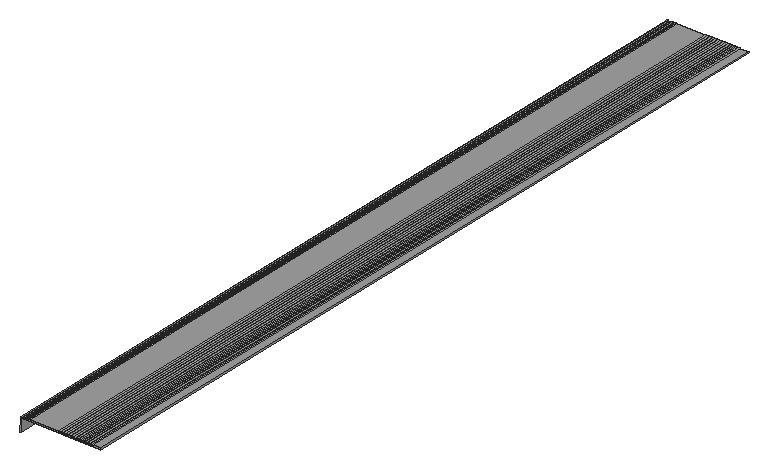
Revit family "111213021058734", category Modelos genéricos, Revit 2018
Family settings
  Puede alojar armadura = No
  Cota de conector redondo = Diámetro de uso
  Tipo de pieza = Normal
  Se basa en plano de trabajo = No
  Siempre vertical = No
  Corte con vacíos al cargar = No
  Compartido = No
  Punto de cálculo de habitación = No
Parameters (values of type "GRADA TITAN PVC 300X50MM GRIS TIRA 3.00")
  Ventajas = "Autoextinguible"
  Uso = "Fabricado en PVC, ideal para zonas de medio y alto trafico, con estrías\r\nantideslizantes. Ideal para: Edificios Públicos y Privados, Colegios, Universidades, Centros\r\ncomerciales, Aeropuertos, Hoteles, Edificios Habitacionales, entre otros."
  Unidad = "Tiras de 1.20 Mts y 3.00 Mts."
  URL = "https://www.empresascnp.cl/"
  Num SKUs = "111213021058734"
  Nombre SKU = "GRADA TITAN PVC 300X50MM GRIS TIRA 3MT"
  Modelo = "GRADA TITAN PVC 300X50MM"
  Material = PVC flexible gris
  Url Ficha tecnica = "https://empresascnp.cl/wp-content/uploads//pdf/ficha-tecnica-grada-titan-pvc-300x50mm-gris-claro-tira-1-2mt.pdf"
  Largo = 3000.00 mm
  Espesor = 4.00 mm
  Empresa = "CNP SPA."
  Dureza = "80 shore A"
  Dimension = 300.00 mm
  Descripción = "Grada Titan 300x50 MM."
  Contacto = "info@empresascnp.cl"
  Color = "Gris"
  Aplicacion = "Escaleras"
  Alto = 50.00 mm
Reference planes
  plane 1 "Center F/B": y = 0
  plane 2: z = 0
  plane 3 "Center L/R": x = 0
  plane 4: z = -50
  plane 5 "2": y = 1500
  plane 6 "3": y = -1500
  plane 7: x = 300
  plane 8: z = -2
  plane 9 "4": x = 2
Forms (mm)
  Extrusion 1, solid, material "PVC flexible gris" <- "Material"
    sketch origin (0, 0, 0) x (1, 0, 0) y (0, 0, 1)
      loop
        line (300, 0) -> (270, 0)
        arc (270, 0) -> (267.593, 0.87) -> (265.185, 0) r 3.766
        arc (265.185, 0) -> (262.778, -0.87) -> (260.37, 0) r 3.766
        arc (260.37, 0) -> (257.963, 0.87) -> (255.556, 0) r 3.766
        arc (255.556, 0) -> (253.148, -0.87) -> (250.741, 0) r 3.766
        arc (250.741, 0) -> (248.333, 0.87) -> (245.926, 0) r 3.766
        arc (245.926, 0) -> (243.519, -0.87) -> (241.111, 0) r 3.766
        arc (241.111, 0) -> (238.704, 0.87) -> (236.296, 0) r 3.766
        arc (236.296, 0) -> (233.889, -0.87) -> (231.481, 0) r 3.766
        arc (231.481, 0) -> (229.074, 0.87) -> (226.667, 0) r 3.766
        arc (226.667, 0) -> (224.259, -0.87) -> (221.852, 0) r 3.766
        arc (221.852, 0) -> (219.444, 0.87) -> (217.037, 0) r 3.766
        arc (217.037, 0) -> (214.63, -0.87) -> (212.222, 0) r 3.766
        arc (212.222, 0) -> (209.815, 0.87) -> (207.407, 0) r 3.766
        arc (207.407, 0) -> (205, -0.87) -> (202.593, 0) r 3.766
        arc (202.593, 0) -> (200.185, 0.87) -> (197.778, 0) r 3.766
        arc (197.778, 0) -> (195.37, -0.87) -> (192.963, 0) r 3.766
        arc (192.963, 0) -> (190.556, 0.87) -> (188.148, 0) r 3.766
        arc (188.148, 0) -> (185.741, -0.87) -> (183.333, 0) r 3.766
        arc (183.333, 0) -> (180.926, 0.87) -> (178.519, 0) r 3.766
        arc (178.519, 0) -> (176.111, -0.87) -> (173.704, 0) r 3.766
        arc (173.704, 0) -> (171.296, 0.87) -> (168.889, 0) r 3.766
        arc (168.889, 0) -> (166.481, -0.87) -> (164.074, 0) r 3.766
        arc (164.074, 0) -> (161.667, 0.87) -> (159.259, 0) r 3.766
        arc (159.259, 0) -> (156.852, -0.87) -> (154.444, 0) r 3.766
        arc (154.444, 0) -> (152.037, 0.87) -> (149.63, 0) r 3.766
        arc (149.63, 0) -> (147.222, -0.87) -> (144.815, 0) r 3.766
        arc (144.815, 0) -> (142.407, 0.87) -> (140, 0) r 3.766
        line (140, 0) -> (34, 0)
        arc (34, 0) -> (33, 0.361) -> (32, 0) r 1.564
        arc (32, 0) -> (31, -0.361) -> (30, 0) r 1.564
        arc (30, 0) -> (29, 0.361) -> (28, 0) r 1.564
        arc (28, 0) -> (27, -0.361) -> (26, 0) r 1.564
        arc (26, 0) -> (25, 0.361) -> (24, 0) r 1.564
        arc (24, 0) -> (23, -0.361) -> (22, 0) r 1.564
        arc (22, 0) -> (21, 0.361) -> (20, 0) r 1.564
        arc (20, 0) -> (19, -0.361) -> (18, 0) r 1.564
        arc (18, 0) -> (17, 0.361) -> (16, 0) r 1.564
        line (16, 0) -> (3, 0)
        arc (3, 0) -> (0.879, -0.879) -> (0, -3) r 3
        line (0, -3) -> (0, -50) -> (4, -50) -> (4, -5)
        arc (4, -5) -> (4.293, -4.293) -> (5, -4) r 1
        line (5, -4) -> (300, -4) -> (300, 0)
    from -1500 to 1500
Dimensions and locks
  "Alto": level to plane 4
  equal spacing: plane 6 "3", plane 1 "Center F/B", plane 5 "2"
  "Largo": plane 6 "3" to plane 5 "2"
  "Dimension": plane 7 to plane 3 "Center L/R"
  "Espesor": plane 2 to Extrusion 1 sketch curve
  "Espesor": Extrusion 1 sketch curve to plane 3 "Center L/R"
  aligned and locked: plane 6 "3" to Extrusion 1
  aligned and locked: Extrusion 1 to plane 5 "2"
  aligned and locked: Extrusion 1 sketch curve to plane 3 "Center L/R"
  aligned and locked: plane 2 to Extrusion 1 sketch curve
  aligned and locked: Extrusion 1 sketch curve to plane 7
  aligned and locked: plane 4 to Extrusion 1 sketch curve
Automatic sketch dimensions
  Extrusion 1 sketch curve to level = 0.00 mm  (x70)
  plane 8 to Extrusion 1 sketch curve = 1.00 mm
  Extrusion 1 sketch curve to Extrusion 1 sketch curve = 1.00 mm  (x4)
  Extrusion 1 sketch curve to Extrusion 1 sketch curve = 11.00 mm
  Extrusion 1 sketch curve to plane 8 = 0.797 mm  (x5)
  level to Extrusion 1 sketch curve = 1.203 mm  (x4)
  Extrusion 1 sketch curve to Extrusion 1 sketch curve = 2.00 mm  (x5)
  Extrusion 1 sketch curve to Extrusion 1 sketch curve = 106.00 mm
  plane 8 to Extrusion 1 sketch curve = 0.896 mm  (x14)
  Extrusion 1 sketch curve to Extrusion 1 sketch curve = 2.407 mm
  level to Extrusion 1 sketch curve = 2.896 mm  (x13)
  Extrusion 1 sketch curve to Extrusion 1 sketch curve = 0.00 mm  (x4)
